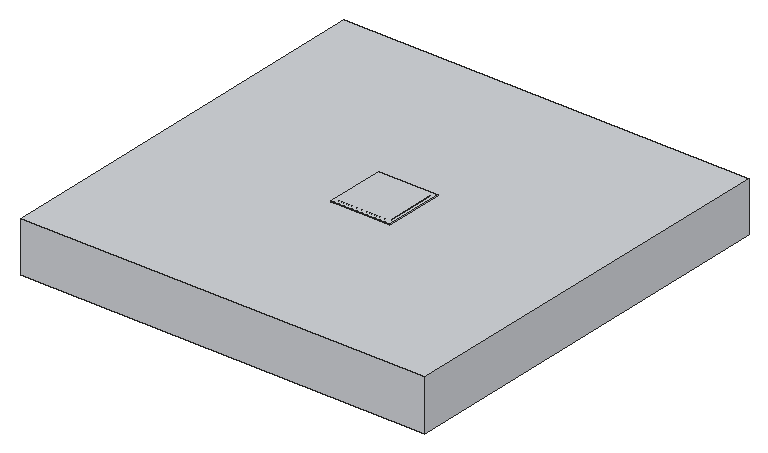
Revit family "Difusor de suprimento com Plenum truncado- Quadrado - Hospedado", category Terminais de ar, Revit 2019
Family settings
  Hospedeiro = Face
  Cota do conector redondo = Usar raio
  Tipo de parte = Normal
  Corte com vazios quando carregada = Não
  Compartilhado = Não
  Ponto de cálculo do ambiente = Não
Parameters (values of type "Padrão")
  UpFlowArrow [instance] = yes
  Deslocamento truncado = Raio do duto + 10 mm  # 85 mm
  Altura total = 318 mm
  Comprimento do macho de torneira = 25 mm
  Altura de conexão da torneira = 195 mm
  RightFlowArrow [instance] = yes
  Queda de pressão [instance] = 0.0 Pa
  Largura da lâmina 4 = Largura da grelha * 4 / 5  # 284.8 mm
  Largura da lâmina 3 = Largura da grelha * 3 / 5  # 213.6 mm
  Largura da lâmina 2 = Largura da grelha * 2 / 5  # 142.4 mm
  Largura da lâmina 1 = Largura da grelha * 1 / 5  # 71.2 mm
  LeftFlowArrow [instance] = yes
  Largura da grelha = 356 mm
  Fluxo [instance] = 0.0 L/s
  Raio do duto = 75 mm
  Diâmetro do duto = Raio do duto * 2  # 150 mm
  DownFlowArrow [instance] = yes
  Largura do plenum = 249 mm
  Largura do difusor = Largura do plenum + 55 mm  # 304 mm
  Material do difusor = none
  Altura do difusor = 40 mm
  Elevação-padrão = 1200 mm
Reference planes
  plane 1 "Centro (frente/trás)": y = 0
  plane 2: z = 0
  plane 3 "Centro (direita/esquerda)": x = 0
  plane 4 "Direita superior do difusor": x = 124.5
  plane 5 "Esquerda superior do difusor": x = -124.5
  plane 6 "Traseira superior do difusor": y = 124.5
  plane 7 "Frente superior do difusor": y = -124.5
  plane 8 "Direita": x = 152
  plane 9 "Esquerda": x = -152
  plane 10 "Parte posterior": y = 152
  plane 11 "Parte frontal": y = -152
  plane 12 "Superior": z = 0
  plane 13 "Traseira da grelha": y = 178
  plane 14 "Frente da grelha": y = -178
  plane 15 "Direita da grelha": x = 178
  plane 16 "Esquerda da grelha": x = -178
  plane 17 "Parte inferior do difusor": z = -35
  plane 18 "Face da grelha": z = 5
  plane 19 "Traseira a lâmina 1": y = 35.6
  plane 20 "Frente da lâmina 1": y = -35.6
  plane 21 "Esquerda da lâmina 1": x = -35.6
  plane 22 "Direita da lâmina 1": x = 35.6
  plane 23 "Esquerda da lâmina 2": x = -71.2
  plane 24 "Direita da lâmina 2": x = 71.2
  plane 25 "Traseira da lâmina 2": y = 71.2
  plane 26 "Frente da lâmina 2": y = -71.2
  plane 27 "Esquerda da lâmina 3": x = -106.8
  plane 28 "Direita da lâmina 3": x = 106.8
  plane 29 "Traseira da lâmina 3": y = 106.8
  plane 30 "Frente da lâmina 3": y = -106.8
  plane 31 "Traseira da lâmina 4": y = 142.4
  plane 32 "Frente da lâmina 4": y = -142.4
  plane 33: x = -142.4
  plane 34: x = 142.4
  plane 35 "Inferior": z = -313
  plane 36 "Torneira direita": x = 149.5
  plane 37 "Torneira esquerda": x = -149.5
  plane 38 "Altura de conexão da torneira": z = -190
  plane 39 "Deslocamento truncado": z = -105
Forms (mm)
  Extrusion 1, solid
    sketch origin (0, 0, 0) x (1, 0, 0) y (0, 1, 0)
      loop
        line (-1218, 1219.2) -> (-1218, -1219.2) -> (1218, -1219.2) -> (1218, 1219.2) -> (-1218, 1219.2)
    from 0 to -304.8
  Extrusion 2, solid, material <- "Material do difusor"
    sketch origin (0, 0, 5) x (-1, 0, 0) y (0, -1, 0)
      loop
        line (178, -178) -> (178, 178) -> (-178, 178) -> (-178, -178) -> (178, -178)
    from 0 to -5
  Blend 3, solid, material <- "Material do difusor"
    base sketch origin (0, 0, 0) x (-1, 0, 0) y (0, -1, 0)
      loop
        line (152, -152) -> (152, 152) -> (-152, 152) -> (-152, -152) -> (152, -152)
    top sketch origin (0, 0, 0) x (-1, 0, 0) y (0, -1, 0)
      loop
        line (124.5, -124.5) -> (124.5, 124.5) -> (-124.5, 124.5) -> (-124.5, -124.5) -> (124.5, -124.5)
    from 0 to -35
  Extrusion 4, solid, material <- "Material do difusor"
    sketch origin (0, 0, 0) x (0, 1, 0) y (0, 0, -1)
      loop
        circle (0, 190) r 75
    from 124.5 to 149.5
  Extrusion 5, solid, material <- "Material do difusor"
    sketch origin (0, 0, 0) x (1, 0, 0) y (0, 0, 1)
      loop
        line (-124.5, -35) -> (-124.5, -313) -> (124.5, -105) -> (124.5, -35) -> (-124.5, -35)
    from -124.5 to 124.5
Lines and regions (mm)
  symbolic lines
    curve 1: line (-152, 152, 0) -> (152, -152, 0)
    curve 2: line (152, 152, 0) -> (-152, -152, 0)
    curve 3: line (-152, 152, 0) -> (152, 152, 0)
    curve 4: line (-152, -152, 0) -> (-152, 152, 0)
    curve 5: line (152, -152, 0) -> (-152, -152, 0)
    curve 6: line (152, 152, 0) -> (152, -152, 0)
  model lines
    curve 7: line (-35.6, 35.6, 5) -> (35.6, 35.6, 5)
    curve 8: line (-35.6, -35.6, 5) -> (-35.6, 35.6, 5)
    curve 9: line (35.6, -35.6, 5) -> (-35.6, -35.6, 5)
    curve 10: line (35.6, 35.6, 5) -> (35.6, -35.6, 5)
    curve 11: line (-71.2, 71.2, 5) -> (71.2, 71.2, 5)
    curve 12: line (-71.2, -71.2, 5) -> (-71.2, 71.2, 5)
    curve 13: line (71.2, -71.2, 5) -> (-71.2, -71.2, 5)
    curve 14: line (71.2, 71.2, 5) -> (71.2, -71.2, 5)
    curve 15: line (-106.8, 106.8, 5) -> (106.8, 106.8, 5)
    curve 16: line (-106.8, -106.8, 5) -> (-106.8, 106.8, 5)
    curve 17: line (106.8, -106.8, 5) -> (-106.8, -106.8, 5)
    curve 18: line (106.8, 106.8, 5) -> (106.8, -106.8, 5)
    curve 19: line (-142.4, 142.4, 5) -> (142.4, 142.4, 5)
    curve 20: line (-142.4, -142.4, 5) -> (-142.4, 142.4, 5)
    curve 21: line (142.4, -142.4, 5) -> (-142.4, -142.4, 5)
    curve 22: line (142.4, 142.4, 5) -> (142.4, -142.4, 5)
Dimensions and locks
  equal spacing: plane 9 "Esquerda", plane 3 "Centro (direita/esquerda)", plane 8 "Direita"
  "Largura do difusor": plane 9 "Esquerda" to plane 8 "Direita"
  equal spacing: plane 11 "Parte frontal", plane 1 "Centro (frente/trás)", plane 10 "Parte posterior"
  "Largura do difusor": plane 11 "Parte frontal" to plane 10 "Parte posterior"
  "Largura do difusor": nested 1 to plane 3 "Centro (direita/esquerda)"
  "Largura do difusor": plane 3 "Centro (direita/esquerda)" to nested 2
  "Largura do difusor": nested 4 to plane 1 "Centro (frente/trás)"
  "Largura do difusor": nested 3 to plane 1 "Centro (frente/trás)"
  equal spacing: plane 5 "Esquerda superior do difusor", plane 3 "Centro (direita/esquerda)", plane 4 "Direita superior do difusor"
  "Largura do plenum": plane 5 "Esquerda superior do difusor" to plane 4 "Direita superior do difusor"
  equal spacing: plane 7 "Frente superior do difusor", plane 1 "Centro (frente/trás)", plane 6 "Traseira superior do difusor"
  "Largura do plenum": plane 7 "Frente superior do difusor" to plane 6 "Traseira superior do difusor"
  equal spacing: plane 14 "Frente da grelha", plane 1 "Centro (frente/trás)", plane 13 "Traseira da grelha"
  "Largura da grelha": plane 14 "Frente da grelha" to plane 13 "Traseira da grelha"
  equal spacing: plane 16 "Esquerda da grelha", plane 3 "Centro (direita/esquerda)", plane 15 "Direita da grelha"
  "Largura da grelha": plane 16 "Esquerda da grelha" to plane 15 "Direita da grelha"
  "Altura do difusor": plane 18 "Face da grelha" to plane 17 "Parte inferior do difusor"
  locked: plane 18 "Face da grelha" to plane 12 "Superior" at 5
  equal spacing: plane 21 "Esquerda da lâmina 1", plane 3 "Centro (direita/esquerda)", plane 22 "Direita da lâmina 1"
  "Largura da lâmina 1": plane 21 "Esquerda da lâmina 1" to plane 22 "Direita da lâmina 1"
  equal spacing: plane 20 "Frente da lâmina 1", plane 1 "Centro (frente/trás)", plane 19 "Traseira a lâmina 1"
  "Largura da lâmina 1": plane 19 "Traseira a lâmina 1" to plane 20 "Frente da lâmina 1"
  "Largura da lâmina 2": plane 23 "Esquerda da lâmina 2" to plane 24 "Direita da lâmina 2"
  equal spacing: plane 23 "Esquerda da lâmina 2", plane 3 "Centro (direita/esquerda)", plane 24 "Direita da lâmina 2"
  "Largura da lâmina 2": plane 25 "Traseira da lâmina 2" to plane 26 "Frente da lâmina 2"
  equal spacing: plane 25 "Traseira da lâmina 2", plane 1 "Centro (frente/trás)", plane 26 "Frente da lâmina 2"
  "Largura da lâmina 3": plane 27 "Esquerda da lâmina 3" to plane 28 "Direita da lâmina 3"
  equal spacing: plane 27 "Esquerda da lâmina 3", plane 3 "Centro (direita/esquerda)", plane 28 "Direita da lâmina 3"
  equal spacing: plane 29 "Traseira da lâmina 3", plane 1 "Centro (frente/trás)", plane 30 "Frente da lâmina 3"
  "Largura da lâmina 3": plane 29 "Traseira da lâmina 3" to plane 30 "Frente da lâmina 3"
  equal spacing: plane 31 "Traseira da lâmina 4", plane 1 "Centro (frente/trás)", plane 32 "Frente da lâmina 4"
  "Largura da lâmina 4": plane 31 "Traseira da lâmina 4" to plane 32 "Frente da lâmina 4"
  equal spacing: plane 33, plane 3 "Centro (direita/esquerda)", plane 34
  "Largura da lâmina 4": plane 33 to plane 34
  "Altura total": plane 18 "Face da grelha" to plane 35 "Inferior"
  "Comprimento do macho de torneira": plane 36 "Torneira direita" to plane 4 "Direita superior do difusor"
  "Comprimento do macho de torneira": plane 5 "Esquerda superior do difusor" to plane 37 "Torneira esquerda"
  "Altura de conexão da torneira": plane 18 "Face da grelha" to plane 38 "Altura de conexão da torneira"
  "Deslocamento truncado": plane 39 "Deslocamento truncado" to plane 38 "Altura de conexão da torneira"
  "Raio do duto": radius of Extrusion 4 sketch curve
  aligned and locked: plane 2 to Extrusion 1
  aligned and locked: level to Extrusion 1
  aligned and locked: plane 11 "Parte frontal" to curve 2
  aligned and locked: plane 9 "Esquerda" to curve 2
  aligned and locked: plane 10 "Parte posterior" to curve 1
  aligned and locked: plane 9 "Esquerda" to curve 1
  aligned and locked: plane 8 "Direita" to curve 2
  aligned and locked: plane 10 "Parte posterior" to curve 2
  aligned and locked: plane 11 "Parte frontal" to curve 1
  aligned and locked: plane 8 "Direita" to curve 1
  aligned and locked: nested 1 to plane 1 "Centro (frente/trás)"
  aligned and locked: plane 1 "Centro (frente/trás)" to nested 2
  aligned and locked: nested 3 to plane 3 "Centro (direita/esquerda)"
  aligned and locked: plane 3 "Centro (direita/esquerda)" to nested 4
  aligned and locked: plane 2 to plane 12 "Superior"
  aligned and locked: Extrusion 2 sketch curve to plane 16 "Esquerda da grelha"
  aligned and locked: plane 14 "Frente da grelha" to Extrusion 2 sketch curve
  aligned and locked: Extrusion 2 sketch curve to plane 15 "Direita da grelha"
  aligned and locked: plane 13 "Traseira da grelha" to Extrusion 2 sketch curve
  aligned and locked: Extrusion 2 to plane 18 "Face da grelha"
  aligned and locked: Extrusion 2 to plane 12 "Superior"
  aligned and locked: Blend 3 sketch curve to plane 9 "Esquerda"
  aligned and locked: plane 10 "Parte posterior" to Blend 3 sketch curve
  aligned and locked: Blend 3 sketch curve to plane 8 "Direita"
  aligned and locked: plane 11 "Parte frontal" to Blend 3 sketch curve
  aligned and locked: plane 6 "Traseira superior do difusor" to Blend 3 sketch curve
  aligned and locked: Blend 3 sketch curve to plane 5 "Esquerda superior do difusor"
  aligned and locked: plane 7 "Frente superior do difusor" to Blend 3 sketch curve
  aligned and locked: Blend 3 sketch curve to plane 4 "Direita superior do difusor"
  aligned and locked: Blend 3 to plane 12 "Superior"
  aligned and locked: Blend 3 to plane 17 "Parte inferior do difusor"
  aligned and locked: curve 9 to plane 20 "Frente da lâmina 1"
  aligned and locked: plane 19 "Traseira a lâmina 1" to curve 7
  aligned and locked: curve 8 to plane 21 "Esquerda da lâmina 1"
  aligned and locked: plane 22 "Direita da lâmina 1" to curve 10
  aligned and locked: curve 13 to plane 26 "Frente da lâmina 2"
  aligned and locked: plane 25 "Traseira da lâmina 2" to curve 11
  aligned and locked: curve 12 to plane 23 "Esquerda da lâmina 2"
  aligned and locked: plane 24 "Direita da lâmina 2" to curve 14
  aligned and locked: curve 17 to plane 30 "Frente da lâmina 3"
  aligned and locked: plane 29 "Traseira da lâmina 3" to curve 15
  aligned and locked: curve 16 to plane 27 "Esquerda da lâmina 3"
  aligned and locked: plane 28 "Direita da lâmina 3" to curve 18
  aligned and locked: curve 21 to plane 32 "Frente da lâmina 4"
  aligned and locked: plane 33 to curve 20
  aligned and locked: curve 22 to plane 34
  aligned and locked: plane 31 "Traseira da lâmina 4" to curve 19
  aligned and locked: Extrusion 4 to plane 5 "Esquerda superior do difusor"
  aligned and locked: Extrusion 4 to plane 37 "Torneira esquerda"
  aligned and locked: plane 5 "Esquerda superior do difusor" to Extrusion 5 sketch curve
  aligned and locked: plane 35 "Inferior" to Extrusion 5 sketch curve
  aligned and locked: Extrusion 5 sketch curve to plane 4 "Direita superior do difusor"
  aligned and locked: Extrusion 5 sketch curve to plane 17 "Parte inferior do difusor"
  aligned and locked: plane 4 "Direita superior do difusor" to Extrusion 5 sketch curve
  aligned and locked: Extrusion 5 to plane 6 "Traseira superior do difusor"
  aligned and locked: Extrusion 5 to plane 7 "Frente superior do difusor"
Automatic sketch dimensions
  Extrusion 1 sketch curve to Extrusion 1 sketch curve = 2436 mm
  Extrusion 1 sketch curve to Extrusion 1 sketch curve = 2438.4 mm
  Extrusion 4 sketch curve to plane 1 "Centro (frente/trás)" = 0 mm
  Extrusion 4 sketch curve to plane 38 "Altura de conexão da torneira" = 0 mm
  Extrusion 5 sketch curve to plane 39 "Deslocamento truncado" = 0 mm
Nested families
  nested 1: "Seta do terminal do duto" at (-304, 0, 0) x (-1, 0, 0) z (0, 0, 1), visible <- "LeftFlowArrow", type "Seta do terminal do duto"
  nested 2: "Seta do terminal do duto" at (304, 0, 0), visible <- "RightFlowArrow", type "Seta do terminal do duto"
  nested 3: "Seta do terminal do duto" at (0, -304, 0) x (0, -1, 0) z (0, 0, 1), visible <- "UpFlowArrow", type "Seta do terminal do duto"
  nested 4: "Seta do terminal do duto" at (0, 304, 0) x (0, 1, 0) z (0, 0, 1), visible <- "DownFlowArrow", type "Seta do terminal do duto"
Connectors
  hvac at (-149.5, 0, -190), driven by "Queda de pressão", driven by "Fluxo", driven by "Raio do duto"
    settings: on Extrusion 4, index 2, duct flow 0.0 L/s, flow factor 0, pres drop 0.0 Pa, loss coef 0, conn angle 0.00°, conn width 304.8 mm, conn height 304.8 mm, conn diameter 150 mm, duct sys type 1, conn prof type 0, flow config 1, flow direction 1, loss method 4, conn ref index -1, conn util no, is conn primary yes, conn desc "Entrada de ar"
Definition of nested family "Seta do terminal do duto"
  Parameters
    Largura = 600 mm
    Visibilidade 1 = yes
    Visibilidade 2 = no
    Comprimento 4 = (Meio comprimento 1 - Comprimento 5 * sin(20.00°) * 4) / 2  # 70.515 mm
    Comprimento 5 = Comprimento 2 * tan(20.00°)  # 116.199 mm
    Comprimento 3 = Comprimento 2 * 0.5  # 159.627 mm
    Comprimento 2 = Meio comprimento 1 / cos(20.00°)  # 319.253 mm
    Comprimento 1 = if(Altura > Largura, Altura, Largura)  # 600 mm
    Altura = 600 mm
    Meio comprimento 1 = Comprimento 1 * 0.5  # 300 mm
    Assembly Code = ""
  Reference planes
    plane 1 "Centro (Frente/Trás)": y = 0
    plane 2: z = 0
    plane 3 "Centro (Esquerda/Direita)": x = 0
  Lines and regions (mm)
    Filled region 1, type "Tijolo", in view "Nível de referência", visible <- "Visibilidade 1"
      outline origin (0, 0, 0) x (1, 0, 0) y (0, 1, 0)
        loop
          line (600, 0) -> (300, 109.191) -> (300, -109.191) -> (600, 0)
    Filled region 2, type "Preenchimento sólido - Preto", in view "Nível de referência", visible <- "Visibilidade 2"
      outline origin (0, 0, 0) x (1, 0, 0) y (0, 1, 0)
        loop
          line (-300, 109.191) -> (-300, -109.191) -> (0, 0) -> (-300, 109.191)
    detail lines, in view "Nível de referência", visible <- "Visibilidade 1"
      curve 1: line (0, 0, 0) -> (600, 0, 0)
      curve 2: line (600, 0, 0) -> (300, 109.191, 0)
      curve 3: line (600, 0, 0) -> (300, -109.191, 0)
      curve 4: line (300, 109.191, 0) -> (300, -109.191, 0)
    detail lines, in view "Nível de referência", visible <- "Visibilidade 2"
      curve 5: line (-300, 0, 0) -> (0, 0, 0)
      curve 6: line (0, 0, 0) -> (-300, 109.191, 0)
      curve 7: line (0, 0, 0) -> (-300, -109.191, 0)
      curve 8: line (-300, 109.191, 0) -> (-300, -109.191, 0)
      curve 9: line (-300, 0, 0) -> (-370.515, 0, 0)
      curve 10: line (-370.515, 0, 0) -> (-410.258, 109.191, 0)
      curve 11: line (-450, 0, 0) -> (-410.258, 109.191, 0)
      curve 12: line (-450, 0, 0) -> (-489.742, -109.191, 0)
      curve 13: line (-529.485, 0, 0) -> (-489.742, -109.191, 0)
      curve 14: line (-529.485, 0, 0) -> (-600, 0, 0)
  Dimensions and locks
    "Comprimento 1": curve 1 to curve 1
    "Comprimento 2": curve 2 to curve 2
    "Comprimento 2": curve 3 to curve 3
    "Meio comprimento 1": curve 5 to curve 5
    "Comprimento 2": curve 6 to curve 6
    "Comprimento 2": curve 7 to curve 7
    "Comprimento 4": curve 9 to curve 9
    "Comprimento 5": curve 10 to curve 10
    "Comprimento 5": curve 11 to curve 11
    "Comprimento 5": curve 12 to curve 12
    "Comprimento 5": curve 13 to curve 13
    "Comprimento 4": curve 14 to curve 14
    locked: curve 2 to curve 1 (angle 20.00°)
    locked: curve 6 to curve 5 (angle 20.00°)
    locked: curve 9 to curve 10 (angle 110.00°)
    locked: curve 11 to curve 12 (angle 180.00°)
    aligned and locked: plane 1 "Centro (Frente/Trás)" to curve 1
    aligned and locked: Filled region 1 sketch curve to curve 2
    aligned and locked: Filled region 1 sketch curve to curve 3
    aligned and locked: Filled region 1 sketch curve to curve 4
    aligned and locked: plane 1 "Centro (Frente/Trás)" to curve 5
    aligned and locked: plane 3 "Centro (Esquerda/Direita)" to curve 5
    aligned and locked: Filled region 2 sketch curve to curve 8
    aligned and locked: Filled region 2 sketch curve to curve 6
    aligned and locked: Filled region 2 sketch curve to curve 7
    aligned and locked: curve 14 to plane 1 "Centro (Frente/Trás)"
  Automatic sketch dimensions
    plane 1 "Centro (Frente/Trás)" to curve 12 = 0 mm
Types in the file's own list only (6): name | Deslocamento truncado | Altura total | Altura de conexão da torneira | Largura da lâmina 4 | Largura da lâmina 3 | Largura da lâmina 2 | Largura da lâmina 1 | Largura da grelha | Raio do duto | Diâmetro do duto | Largura do plenum | Largura do difusor
  356 x 356 | 73 mm | 318 mm | 231 mm | 285 mm | 214 mm | 142 mm | 71 mm | 356 mm | 63 mm | 125 mm | 304 mm | 359 mm
  412 x 412 | 85 mm | 428 mm | 328 mm | 330 mm | 247 mm | 165 mm | 82 mm | 412 mm | 75 mm | 150 mm | 360 mm | 415 mm
  468 x 468 | 110 mm | 428 mm | 303 mm | 374 mm | 281 mm | 187 mm | 94 mm | 468 mm | 100 mm | 200 mm | 416 mm | 471 mm
  498 x 498 | 110 mm | 450 mm | 325 mm | 398 mm | 299 mm | 199 mm | 100 mm | 498 mm | 100 mm | 200 mm | 446 mm | 501 mm
  598 x 598 | 160 mm | 550 mm | 375 mm | 478 mm | 359 mm | 239 mm | 120 mm | 598 mm | 150 mm | 300 mm | 546 mm | 601 mm
  623 x 623 | 160 mm | 550 mm | 375 mm | 498 mm | 374 mm | 249 mm | 125 mm | 623 mm | 150 mm | 300 mm | 571 mm | 626 mm
